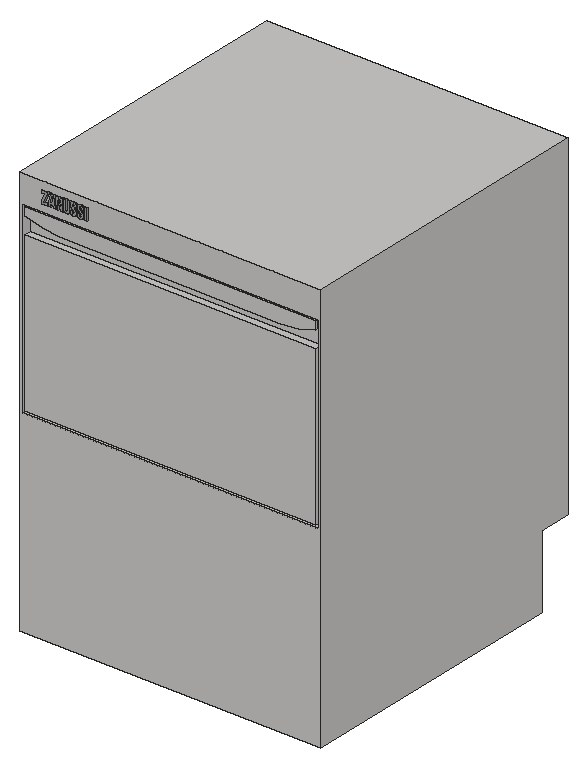
Revit family "QF_ZANUSSI_502728_ZLAI3P", category Specialty Equipment, Revit 2018
Family settings
  Round Connector Dimension = Use Diameter
  Part Type = Normal
  Work Plane-Based = No
  Always vertical = Yes
  Cut with Voids When Loaded = No
  Shared = No
  Room Calculation Point = No
Parameters (values of type "Standard")
  Weight = 60.00 kg
  Watts = 0 W
  Volts = 400 V
  URL Manufacturer = "http://www.zanussiprofessional.com"
  URL = "http://www.zanussiprofessional.com"
  Steam Supply Size = 0 mm
  Steam Supply Minimum Pressure = 0.0 Pa
  Steam Supply Maximum Pressure = 0.0 Pa
  Steam Pounds per Hour = 0
  Show Logo [instance] = yes
  Show Clearance [instance] = yes
  Refrigeration Suction Line Size = 0 mm
  Refrigeration Liquid Line Size = 0 mm
  Refrigerant Compressor Remote = yes
  Manufacturer = "Zanussi"
  Phase = 3
  Model = "ZLAI3P"
  Length Actual = 600 mm  # constant formula
  Item Number = "502728"
  Hot Water Size = 19.05 mm
  Height Actual = 820 mm  # constant formula
  HP = "7.2 HP"
  Gas Size = 0 mm
  Gas KW = 0
  Gas Input Pressure = 0 W
  Direct Waste Size = 20.5 mm
  Description = "UNDERCOUNTER(L), ACTIVE, DOUBLE SKIN, 3PH, DRAIN PUMP, 720D/H"
  Depth Actual = 615 mm  # constant formula
  Cycle = 50 Hz
  Condensate Return Size = 0 mm
  Compressed Air Volume = 0.0 L/s
  Compressed Air Size = 0 mm
  Compressed Air Pressure = 0.0 Pa
  Cold Water Size = 0 mm
  Accessory = yes
Reference planes
  plane 1 "Center (Front/Back)": y = 0
  plane 2: z = 0
  plane 3 "Center (Left/Right)": x = 0
  plane 4 "LEFT": x = -300
  plane 5 "RIGHT": x = 300
  plane 6 "FRONT": y = -307.5
  plane 7 "BACK": y = 307.5
  plane 8: x = -202.5
  plane 9: x = 202.5
  plane 10: z = 830
  plane 11: z = 10
  plane 12: y = -679.5
Forms (mm)
  Extrusion 1, solid, material "QF_Finishes_Stainless Steel"
    sketch origin (0, 0, 0) x (1, 0, 0) y (0, 1, 0)
      loop
        line (-300, -307.5) -> (300, -307.5) -> (300, 243.5) -> (-300, 243.5) -> (-300, -307.5)
    from 10 to 830
  Extrusion 2, solid, material "QF_Finishes_Stainless Steel"
    sketch origin (0, 0, 0) x (1, 0, 0) y (0, 1, 0)
      loop
        line (-300, 243.5) -> (300, 243.5) -> (300, 307.5) -> (-300, 307.5) -> (-300, 243.5)
    from 157.434 to 830
  Extrusion 3, void
    sketch origin (-300, -307.5, 0) x (-1, 0, 0) y (0, 0, 1)
      loop
        line (-5, 773.217) -> (-595, 773.217) -> (-595, 401.217) -> (-5, 401.217) -> (-5, 773.217)
    from 0 to 30
  Extrusion 4, solid, material "QF_Finishes_Stainless Steel"
    sketch origin (-274, -392, 733) x (0, 0, -1) y (1, 0, 0)
      loop
        circle (693, 143) r 10
    from -635.5 to -699.5
  Extrusion 5, solid, material "QF_Door-Drawer Clearances", visible <- "Show Clearance", detail levels coarse
    sketch origin (-230, -282.5, -30) x (0, 1, 0) y (0, 0, -1)
      loop
        line (-25, -431.217) -> (-397, -431.217)
        arc (-397, -431.217) -> (-288.044, -694.261) -> (-25, -803.217) r 372
        line (-25, -803.217) -> (-25, -431.217)
    from 59.655 to -520
  Extrusion 6, solid, material "QF_Finishes_Stainless Steel"
    sketch origin (-331.481, -392, 703) x (0, 0, -1) y (1, 0, 0)
      loop
        circle (663, 252.481) r 8
    from -635.5 to -699.5
  Extrusion 7, solid, material "QF_Finishes_Stainless Steel"
    sketch origin (-230, -282.5, 0) x (0, 1, 0) y (0, 0, -1)
      loop
        line (-25, -406.25) -> (-25, -720) -> (-10, -720) -> (-10, -770) -> (0, -770) -> (0, -406.25) -> (-25, -406.25)
    from 59.655 to -520
  Extrusion 8, solid, material "QF_Finishes_Stainless Steel"
    sketch origin (-230, -282.5, 0) x (0, 1, 0) y (0, 0, -1)
      loop
        line (-10, -770) -> (-10, -767.514) -> (-22.5, -767.514) -> (-22.5, -741.25) -> (-25, -741.25) -> (-25, -770) -> (-10, -770)
    from 59.655 to -520
  Extrusion 9, void
    sketch origin (-230, -307.5, 770) x (0, 0, 1) y (1, 0, 0)
      loop
        line (-28.75, 10.266) -> (-28.75, -59.655) -> (-15.552, -59.655)
        arc (-15.552, -59.655) -> (-25.346, -25.298) -> (-28.75, 10.266) r 196.283
      loop
        arc (-28.75, 450.08) -> (-25.346, 485.643) -> (-15.552, 520) r 196.283
        line (-15.552, 520) -> (-28.75, 520) -> (-28.75, 450.08)
    from 0 to 2.5
  Extrusion 10, solid, material "QF_Finishes_Stainless Steel"
    sketch origin (-301, 938.5, 792.934) x (0, -1, 0) y (1, 0, 0)
      loop
        circle (663, 158) r 8
    from -635.5 to -645.5
  Extrusion 11, solid, material "QF_Finishes_Stainless Steel"
    sketch origin (0, 17.5, 0) x (1, 0, 0) y (0, 1, 0)
      loop
        circle (-254, -255) r 12.5
      loop
        circle (254, -255) r 12.5
      loop
        circle (-254, 176) r 12.5
      loop
        circle (254, 176) r 12.5
    from 0 to 10
Cuts and joins
  Extrusion 3 cuts Extrusion 1
  joined: Extrusion 1, Extrusion 2
  Extrusion 9 cuts Extrusion 7
  Extrusion 9 cuts Extrusion 8
Lines and regions (mm)
  Split face 1
    outline origin (-280, -307.5, 830) x (0, 0, -1) y (1, 0, 0)
      loop
        line (19.683, 178.044) -> (39.683, 178.044) -> (39.683, 218.044) -> (19.683, 218.044) -> (19.683, 178.044)
  Split face 2
    outline origin (-300, -307.5, 830) x (0, 0, -1) y (1, 0, 0)
      loop
        line (0, 60) -> (8.971, 363.359)
        arc (8.971, 363.359) -> (10.385, 376.81) -> (13.197, 390.04) r 129.217
        line (13.197, 390.04) -> (16.45, 402.178)
        arc (16.45, 402.178) -> (21.39, 439.707) -> (16.45, 477.235) r 145
        line (16.45, 477.235) -> (12.733, 491.107)
        arc (12.733, 491.107) -> (7.775, 516.22) -> (4.504, 541.608) r 383.339
        line (4.504, 541.608) -> (0, 579.217)
      loop
        line (56.783, 109.273) -> (50.394, 371.184)
        arc (50.394, 371.184) -> (48.98, 384.635) -> (46.168, 397.865) r 129.217
        line (46.168, 397.865) -> (42.916, 410.003)
        arc (42.916, 410.003) -> (37.975, 447.532) -> (42.916, 485.06) r 145
        line (42.916, 485.06) -> (46.633, 498.932)
        arc (46.633, 498.932) -> (51.508, 520.123) -> (54.862, 541.608) r 305
        line (54.862, 541.608) -> (56.783, 557.653)
  Split face 3
    outline origin (-300, -307.5, 830) x (0, 0, -1) y (1, 0, 0)
      loop
        line (0.533, 600) -> (7.482, 541.965)
        arc (7.482, 541.965) -> (10.72, 516.79) -> (15.63, 491.887) r 380.339
        line (15.63, 491.887) -> (19.347, 478.015)
        arc (19.347, 478.015) -> (24.39, 439.71) -> (19.347, 401.405) r 148
        line (19.347, 401.405) -> (16.095, 389.267)
        arc (16.095, 389.267) -> (13.348, 376.344) -> (11.967, 363.205) r 126.217
        line (11.967, 363.205) -> (0, 2.678)
      loop
        line (56.783, 582.884) -> (51.883, 541.965)
        arc (51.883, 541.965) -> (48.562, 520.691) -> (43.735, 499.709) r 302
        line (43.735, 499.709) -> (40.018, 485.837)
        arc (40.018, 485.837) -> (34.975, 447.532) -> (40.018, 409.226) r 148
        line (40.018, 409.226) -> (43.27, 397.089)
        arc (43.27, 397.089) -> (46.017, 384.166) -> (47.398, 371.027) r 126.217
        line (47.398, 371.027) -> (56.783, 51.951)
  Split face 4
    outline origin (-300, -307.5, 830) x (0, 0, -1) y (1, 0, 0)
      loop
        line (56.783, 5) -> (56.783, 0)
      loop
        line (56.783, 595) -> (56.783, 600)
  symbolic lines
    curve 1: line (-300, 307.5, 0) -> (300, 307.5, 0)
    curve 2: line (-300, -307.5, 0) -> (-300, 307.5, 0)
    curve 3: line (300, -307.5, 0) -> (-300, -307.5, 0)
    curve 4: line (300, 307.5, 0) -> (300, -307.5, 0)
  symbolic lines, style "QF_Door-Drawer Clearances"
    curve 5: line (-290, -679.5, 0) -> (290, -679.5, 0)
    curve 6: line (290, -679.5, 0) -> (290, -307.5, 0)
    curve 7: line (-290, -679.5, 0) -> (-290, -307.5, 0)
  symbolic lines, style "SpecialityEquipmentHiddenLines"
    curve 8: line (-300, 243.5, 0) -> (300, 243.5, 0)
Dimensions and locks
  equal spacing: plane 4 "LEFT", plane 3 "Center (Left/Right)", plane 5 "RIGHT"
  equal spacing: plane 7 "BACK", plane 1 "Center (Front/Back)", plane 6 "FRONT"
  plane 7 "BACK" to plane 6 "FRONT" = 615 mm
  plane 4 "LEFT" to plane 5 "RIGHT" = 600 mm
  plane 4 "LEFT" to plane 8 = 97.5 mm
  plane 9 to plane 5 "RIGHT" = 97.5 mm
  plane 11 to level = 10 mm
  plane 4 "LEFT" to plane 3 "Center (Left/Right)" = 300 mm
  plane 10 to level = 830 mm  (x2)
  plane 8 to plane 9 = 405 mm
  Extrusion 10 sketch curve to plane 4 "LEFT" = 157 mm
  level to Extrusion 4 sketch curve = 40 mm
  Extrusion 4 sketch curve to plane 4 "LEFT" = 169 mm
  Extrusion 6 sketch curve to plane 4 "LEFT" = 221 mm
  level to Extrusion 6 sketch curve = 40 mm
  plane 9 to plane 8 = 405 mm
  plane 7 "BACK" to curve 5 = 987 mm
  cut or joined group of Extrusion 7, Extrusion 9 to cut or joined group of Extrusion 1, Extrusion 2, Extrusion 3 = 318.783 mm
  plane 10 to plane 11 = 820 mm
  cut or joined group of Extrusion 8, Extrusion 9 to Extrusion 5 = 368.783 mm
  plane 7 "BACK" to plane 12 = 987 mm
  aligned and locked: level to plane 2
  aligned and locked: Extrusion 1 sketch curve to plane 6 "FRONT"
  aligned and locked: Extrusion 1 sketch curve to plane 4 "LEFT"
  aligned and locked: plane 5 "RIGHT" to Extrusion 1 sketch curve
  aligned and locked: Extrusion 1 to plane 11
  aligned and locked: Extrusion 2 sketch curve to Extrusion 1  (x2)
  aligned and locked: plane 7 "BACK" to Extrusion 2 sketch curve
  aligned and locked: plane 5 "RIGHT" to Extrusion 2 sketch curve
  aligned and locked: Extrusion 2 to Extrusion 4
  aligned and locked: Extrusion 2 to Extrusion 6
  aligned and locked: plane 7 "BACK" to Extrusion 6
  aligned and locked: plane 7 "BACK" to Extrusion 4
  aligned and locked: cut or joined group of Extrusion 8, Extrusion 9 to Extrusion 9
  aligned and locked: plane 10 to Extrusion 2
Automatic sketch dimensions
  Extrusion 1 sketch curve to plane 7 "BACK" = 64 mm
  Extrusion 3 sketch curve to Extrusion 1 = 5 mm  (x2)
  Extrusion 3 sketch curve to Extrusion 1 = 428.783 mm
  Extrusion 3 sketch curve to Extrusion 1 = 56.783 mm
  Extrusion 7 sketch curve to plane 6 "FRONT" = 0 mm
  plane 6 "FRONT" to Extrusion 7 sketch curve = 15 mm
  Extrusion 7 sketch curve to Extrusion 7 sketch curve = 25 mm
  Extrusion 7 sketch curve to plane 10 = 60 mm
  Extrusion 7 sketch curve to Extrusion 7 sketch curve = 50 mm
  Extrusion 7 sketch curve to Extrusion 7 sketch curve = 313.75 mm
  Extrusion 8 sketch curve to plane 6 "FRONT" = 0 mm
  Extrusion 8 sketch curve to Extrusion 8 sketch curve = 2.5 mm
  Extrusion 8 sketch curve to Extrusion 8 sketch curve = 12.5 mm
  Extrusion 8 sketch curve to plane 10 = 60 mm
  Extrusion 8 sketch curve to Extrusion 8 sketch curve = 2.486 mm
  Extrusion 8 sketch curve to Extrusion 8 sketch curve = 26.264 mm
  Extrusion 9 sketch curve to Extrusion 8 = 0 mm  (x3)
  Extrusion 8 to Extrusion 9 sketch curve = 0 mm
  Extrusion 9 sketch curve to Extrusion 8 = 13.198 mm  (x2)
  Extrusion 9 sketch curve to Extrusion 8 = 70.763 mm  (x2)
  Extrusion 9 sketch curve to Extrusion 8 = 196.281 mm  (x2)
  Split face 1 sketch curve to cut or joined group of Extrusion 1, Extrusion 2, Extrusion 3 = 19.683 mm
  cut or joined group of Extrusion 1, Extrusion 2, Extrusion 3 to Split face 1 sketch curve = 17.1 mm
  Split face 1 sketch curve to cut or joined group of Extrusion 1, Extrusion 2, Extrusion 3 = 193.044 mm
  Split face 1 sketch curve to Split face 1 sketch curve = 40 mm
  Split face 2 sketch curve to cut or joined group of Extrusion 1, Extrusion 2, Extrusion 3 = 0 mm  (x4)
  cut or joined group of Extrusion 1, Extrusion 2, Extrusion 3 to Split face 2 sketch curve = 78.646 mm
  Split face 2 sketch curve to Split face 2 sketch curve = 44.963 mm  (x2)
  Split face 2 sketch curve to cut or joined group of Extrusion 1, Extrusion 2, Extrusion 3 = 17.128 mm  (x2)
  Split face 2 sketch curve to Split face 2 sketch curve = 124.365 mm
  Split face 2 sketch curve to cut or joined group of Extrusion 1, Extrusion 2, Extrusion 3 = 4.504 mm
  Split face 2 sketch curve to cut or joined group of Extrusion 1, Extrusion 2, Extrusion 3 = 8.971 mm
  Split face 2 sketch curve to cut or joined group of Extrusion 1, Extrusion 2, Extrusion 3 = 12.733 mm
  Split face 2 sketch curve to cut or joined group of Extrusion 1, Extrusion 2, Extrusion 3 = 13.197 mm
  Split face 2 sketch curve to Split face 2 sketch curve = 3.717 mm
  Split face 2 sketch curve to Split face 2 sketch curve = 3.252 mm
  cut or joined group of Extrusion 1, Extrusion 2, Extrusion 3 to Split face 2 sketch curve = 13.867 mm  (x2)
  cut or joined group of Extrusion 1, Extrusion 2, Extrusion 3 to Split face 2 sketch curve = 10.615 mm
  cut or joined group of Extrusion 1, Extrusion 2, Extrusion 3 to Split face 2 sketch curve = 10.15 mm
  cut or joined group of Extrusion 1, Extrusion 2, Extrusion 3 to Split face 2 sketch curve = 6.389 mm
  cut or joined group of Extrusion 1, Extrusion 2, Extrusion 3 to Split face 2 sketch curve = 1.921 mm
  Split face 2 sketch curve to cut or joined group of Extrusion 1, Extrusion 2, Extrusion 3 = 81.229 mm
  Split face 2 sketch curve to cut or joined group of Extrusion 1, Extrusion 2, Extrusion 3 = 42.66 mm
  Split face 2 sketch curve to cut or joined group of Extrusion 1, Extrusion 2, Extrusion 3 = 53.392 mm
  Split face 2 sketch curve to Split face 2 sketch curve = 0 mm
  Split face 2 sketch curve to Split face 2 sketch curve = 13.872 mm  (x2)
  Split face 2 sketch curve to Split face 2 sketch curve = 37.529 mm  (x2)
  Split face 2 sketch curve to Split face 2 sketch curve = 12.138 mm  (x2)
  Split face 2 sketch curve to Split face 2 sketch curve = 26.681 mm  (x2)
  Split face 2 sketch curve to Split face 2 sketch curve = 16.045 mm
  Split face 2 sketch curve to cut or joined group of Extrusion 1, Extrusion 2, Extrusion 3 = 104.273 mm
  Split face 2 sketch curve to cut or joined group of Extrusion 1, Extrusion 2, Extrusion 3 = 55 mm
  Split face 2 sketch curve to cut or joined group of Extrusion 1, Extrusion 2, Extrusion 3 = 15.783 mm
  Split face 3 sketch curve to cut or joined group of Extrusion 1, Extrusion 2, Extrusion 3 = 0 mm  (x4)
  cut or joined group of Extrusion 1, Extrusion 2, Extrusion 3 to Split face 3 sketch curve = 78.646 mm
  Split face 3 sketch curve to Split face 3 sketch curve = 44.963 mm  (x2)
  Split face 3 sketch curve to cut or joined group of Extrusion 1, Extrusion 2, Extrusion 3 = 17.128 mm  (x2)
  Split face 3 sketch curve to Split face 3 sketch curve = 124.365 mm
  Split face 3 sketch curve to cut or joined group of Extrusion 1, Extrusion 2, Extrusion 3 = 7.482 mm
  Split face 3 sketch curve to cut or joined group of Extrusion 1, Extrusion 2, Extrusion 3 = 11.967 mm
  Split face 3 sketch curve to cut or joined group of Extrusion 1, Extrusion 2, Extrusion 3 = 15.63 mm
  Split face 3 sketch curve to cut or joined group of Extrusion 1, Extrusion 2, Extrusion 3 = 16.095 mm
  Split face 3 sketch curve to Split face 3 sketch curve = 3.252 mm  (x2)
  Split face 3 sketch curve to Split face 3 sketch curve = 3.717 mm
  cut or joined group of Extrusion 1, Extrusion 2, Extrusion 3 to Split face 3 sketch curve = 16.765 mm  (x2)
  cut or joined group of Extrusion 1, Extrusion 2, Extrusion 3 to Split face 3 sketch curve = 13.048 mm
  cut or joined group of Extrusion 1, Extrusion 2, Extrusion 3 to Split face 3 sketch curve = 9.385 mm
  cut or joined group of Extrusion 1, Extrusion 2, Extrusion 3 to Split face 3 sketch curve = 4.9 mm
  Split face 3 sketch curve to cut or joined group of Extrusion 1, Extrusion 2, Extrusion 3 = 81.229 mm
  Split face 3 sketch curve to cut or joined group of Extrusion 1, Extrusion 2, Extrusion 3 = 42.66 mm
  Split face 3 sketch curve to cut or joined group of Extrusion 1, Extrusion 2, Extrusion 3 = 53.035 mm
  Split face 3 sketch curve to Split face 3 sketch curve = 0 mm
  Split face 3 sketch curve to Split face 3 sketch curve = 13.872 mm  (x2)
  Split face 3 sketch curve to Split face 3 sketch curve = 38.305 mm  (x2)
  Split face 3 sketch curve to Split face 3 sketch curve = 12.138 mm  (x2)
  Split face 3 sketch curve to Split face 3 sketch curve = 26.062 mm  (x2)
  Split face 3 sketch curve to cut or joined group of Extrusion 1, Extrusion 2, Extrusion 3 = 0.533 mm
  Split face 3 sketch curve to cut or joined group of Extrusion 1, Extrusion 2, Extrusion 3 = 46.951 mm
  cut or joined group of Extrusion 1, Extrusion 2, Extrusion 3 to Split face 3 sketch curve = 2.322 mm
  Split face 3 sketch curve to cut or joined group of Extrusion 1, Extrusion 2, Extrusion 3 = 12.116 mm
  cut or joined group of Extrusion 1, Extrusion 2, Extrusion 3 to Split face 4 sketch curve = 0 mm
  Split face 4 sketch curve to cut or joined group of Extrusion 1, Extrusion 2, Extrusion 3 = 0 mm  (x5)
  plane 4 "LEFT" to Extrusion 11 sketch curve = 46 mm  (x2)
  Extrusion 11 sketch curve to plane 5 "RIGHT" = 46 mm  (x2)
  plane 6 "FRONT" to Extrusion 11 sketch curve = 70 mm  (x2)
  Extrusion 11 sketch curve to plane 7 "BACK" = 114 mm  (x2)
  curve 8 to plane 4 "LEFT" = 0 mm
  curve 7 to plane 6 "FRONT" = 0 mm
  curve 4 to plane 5 "RIGHT" = 0 mm
  curve 2 to plane 7 "BACK" = 0 mm
  plane 4 "LEFT" to curve 7 = 10 mm
  curve 5 to plane 5 "RIGHT" = 10 mm
  curve 8 to plane 7 "BACK" = 64 mm
  Extrusion 5 sketch curve to plane 12 = 0 mm
  Extrusion 5 sketch curve to plane 6 "FRONT" = 0 mm
  plane 11 to Extrusion 5 sketch curve = 391.217 mm
  Extrusion 10 sketch curve to plane 7 "BACK" = 32 mm
  radius of Extrusion 4 sketch curve = 10 mm
  radius of Extrusion 6 sketch curve = 8 mm
  radius of Extrusion 10 sketch curve = 8 mm
  radius of Extrusion 11 sketch curve = 12.5 mm  (x4)
Nested families
  nested 1: "ZAN_Logo_S_Grey" at (-210.606, -307.5, 801.116) x (1, 0, 0) z (0, -1, 0), type "ZAN_Logo_S_Grey"
Connectors
  piping at (-131, 307.5, 40), diameter 20
    settings: on Extrusion 4, index 1, connector inside diameter 609.6 mm, connector length 0 mm, flow factor 0, pipe flow 0.0 L/s, pressure drop 0.0 Pa, fitting loss kfactor 0, connector angle 0.00°, fixture units 0, engagement length 0 mm, angle of deflection 0.00°, flow configuration 1, flow direction 1, fitting loss method 0, system type 16, joint type 0, gender type 0, connector reference index -1, connector utility 0, adjustable connector no, is connector primary yes, connector description "Drain"
  piping at (-79, 307.5, 40), diameter 19.05, driven by "Hot Water Size"
    settings: on Extrusion 6, index 3, connector inside diameter 609.6 mm, connector length 0 mm, flow factor 0, pipe flow 0.0 L/s, pressure drop 0.0 Pa, fitting loss kfactor 0, connector angle 0.00°, fixture units 0, engagement length 0 mm, angle of deflection 0.00°, flow configuration 1, flow direction 1, fitting loss method 0, system type 19, joint type 0, gender type 0, connector reference index -1, connector utility 0, adjustable connector no, is connector primary no, connector description "Hot Water Inlet"
  electrical at (-143, 275.5, 147.434), driven by "Volts"
    settings: on Extrusion 10, index 4, voltage 400 V, apparent load 0 VA, apparent load phase1 0 VA, apparent load phase2 0 VA, apparent load phase3 0 VA, power factor 1, load classification "Altro", number of poles 1, system type 31, power factor state 1, is connector primary yes, connector utility no, sub classification motor no, connector description "Electrical Connection"
Definition of nested family "ZAN_Logo_S_Grey"
  Parameters (values of type "ZAN_Logo_S_Grey")
    Default Elevation = 0 mm
  Reference planes
    plane 1 "Centro (Fronte/Retro)": y = 0
    plane 2: z = 0
    plane 3 "Centro (Sinistra/Destra)": x = 0
  Forms (mm)
    Extrusion 1, solid
      sketch origin (0, 0, 0) x (1, 0, 0) y (0, 1, 0)
        loop
          line (-1219.2, 1219.2) -> (-1219.2, -1219.2) -> (1219.2, -1219.2) -> (1219.2, 1219.2) -> (-1219.2, 1219.2)
      from 0 to -304.8
    Extrusion 2, solid
      sketch origin (17.793, -46.218, 0) x (-1, 0, 0) y (0, -1, 0)
        loop
          spline (-4.176, -58.079) -> (-3.496, -58.328) -> (-2.793, -58.512) -> (-2.075, -58.63) -> (-1.348, -58.682) -> (-0.619, -58.669) -> (0.106, -58.588) -> (0.818, -58.44) -> (1.512, -58.225) -> (2.18, -57.941) -> (2.817, -57.589) -> (3.414, -57.167) -> (3.966, -56.676)
          spline (3.966, -56.676) -> (4.293, -56.162) -> (4.575, -55.61) -> (4.81, -55.026) -> (5, -54.419) -> (5.146, -53.797) -> (5.247, -53.166) -> (5.304, -52.536) -> (5.318, -51.913) -> (5.288, -51.306) -> (5.217, -50.723) -> (5.103, -50.17) -> (4.949, -49.657)
          line (4.949, -49.657) -> (2.702, -46.428) -> (0.316, -44.323)
          spline (0.316, -44.323) -> (0.065, -44.115) -> (-0.195, -43.909) -> (-0.46, -43.704) -> (-0.729, -43.496) -> (-0.997, -43.282) -> (-1.263, -43.059) -> (-1.523, -42.825) -> (-1.774, -42.576) -> (-2.013, -42.309) -> (-2.238, -42.022) -> (-2.445, -41.712) -> (-2.632, -41.375)
          spline (-2.632, -41.375) -> (-2.666, -41.159) -> (-2.697, -40.934) -> (-2.722, -40.701) -> (-2.736, -40.465) -> (-2.736, -40.227) -> (-2.72, -39.989) -> (-2.682, -39.754) -> (-2.621, -39.524) -> (-2.533, -39.302) -> (-2.414, -39.091) -> (-2.261, -38.892) -> (-2.07, -38.708)
          line (-2.07, -38.708) -> (-0.245, -38.567)
          spline (-0.245, -38.567) -> (0.096, -38.8) -> (0.354, -39.074) -> (0.54, -39.381) -> (0.664, -39.716) -> (0.738, -40.073) -> (0.772, -40.445) -> (0.777, -40.825) -> (0.763, -41.208) -> (0.742, -41.588) -> (0.723, -41.957) -> (0.718, -42.309) -> (0.737, -42.638)
          line (0.737, -42.638) -> (5.65, -42.638)
          spline (5.65, -42.638) -> (5.708, -42.042) -> (5.741, -41.448) -> (5.747, -40.857) -> (5.723, -40.273) -> (5.668, -39.696) -> (5.58, -39.129) -> (5.457, -38.574) -> (5.297, -38.032) -> (5.098, -37.506) -> (4.857, -36.997) -> (4.574, -36.508) -> (4.247, -36.041)
          spline (4.247, -36.041) -> (3.844, -35.675) -> (3.409, -35.35) -> (2.946, -35.065) -> (2.458, -34.819) -> (1.949, -34.612) -> (1.421, -34.444) -> (0.88, -34.314) -> (0.326, -34.221) -> (-0.234, -34.165) -> (-0.8, -34.146) -> (-1.366, -34.163) -> (-1.93, -34.216)
          spline (-1.93, -34.216) -> (-2.526, -34.309) -> (-3.116, -34.448) -> (-3.695, -34.633) -> (-4.259, -34.861) -> (-4.801, -35.131) -> (-5.316, -35.444) -> (-5.799, -35.798) -> (-6.245, -36.191) -> (-6.648, -36.624) -> (-7.002, -37.095) -> (-7.303, -37.603) -> (-7.545, -38.146)
          spline (-7.545, -38.146) -> (-7.694, -38.815) -> (-7.792, -39.487) -> (-7.839, -40.158) -> (-7.836, -40.824) -> (-7.785, -41.482) -> (-7.685, -42.129) -> (-7.539, -42.762) -> (-7.347, -43.377) -> (-7.111, -43.97) -> (-6.83, -44.538) -> (-6.506, -45.078) -> (-6.141, -45.586)
          line (-6.141, -45.586) -> (-0.526, -50.64) -> (0.176, -51.482)
          spline (0.176, -51.482) -> (0.248, -51.66) -> (0.323, -51.843) -> (0.397, -52.03) -> (0.467, -52.22) -> (0.529, -52.412) -> (0.579, -52.605) -> (0.615, -52.798) -> (0.633, -52.989) -> (0.63, -53.179) -> (0.601, -53.366) -> (0.545, -53.55) -> (0.456, -53.728)
          spline (0.456, -53.728) -> (0.375, -53.892) -> (0.273, -54.034) -> (0.154, -54.155) -> (0.02, -54.258) -> (-0.126, -54.343) -> (-0.28, -54.412) -> (-0.441, -54.466) -> (-0.604, -54.508) -> (-0.767, -54.537) -> (-0.928, -54.556) -> (-1.082, -54.567) -> (-1.228, -54.57)
          line (-1.228, -54.57) -> (-2.632, -53.587) -> (-2.772, -50.64) -> (-7.405, -50.64)
          spline (-7.405, -50.64) -> (-7.41, -51.031) -> (-7.423, -51.432) -> (-7.44, -51.839) -> (-7.456, -52.251) -> (-7.469, -52.665) -> (-7.475, -53.079) -> (-7.468, -53.489) -> (-7.446, -53.894) -> (-7.404, -54.291) -> (-7.339, -54.679) -> (-7.247, -55.053) -> (-7.123, -55.412)
          spline (-7.123, -55.412) -> (-6.999, -55.693) -> (-6.837, -55.97) -> (-6.643, -56.244) -> (-6.422, -56.509) -> (-6.177, -56.765) -> (-5.913, -57.009) -> (-5.634, -57.238) -> (-5.346, -57.45) -> (-5.051, -57.643) -> (-4.755, -57.814) -> (-4.462, -57.96) -> (-4.176, -58.079)
        loop
          spline (-21.021, -55.552) -> (-20.633, -56.181) -> (-20.177, -56.736) -> (-19.661, -57.217) -> (-19.092, -57.627) -> (-18.478, -57.966) -> (-17.827, -58.237) -> (-17.147, -58.441) -> (-16.446, -58.578) -> (-15.73, -58.652) -> (-15.009, -58.662) -> (-14.29, -58.611) -> (-13.581, -58.5)
          spline (-13.581, -58.5) -> (-13.088, -58.407) -> (-12.595, -58.269) -> (-12.109, -58.088) -> (-11.636, -57.866) -> (-11.183, -57.605) -> (-10.756, -57.307) -> (-10.361, -56.974) -> (-10.004, -56.608) -> (-9.692, -56.211) -> (-9.431, -55.784) -> (-9.228, -55.33) -> (-9.089, -54.851)
          spline (-9.089, -54.851) -> (-8.873, -54.211) -> (-8.715, -53.559) -> (-8.615, -52.901) -> (-8.574, -52.241) -> (-8.592, -51.585) -> (-8.668, -50.938) -> (-8.802, -50.306) -> (-8.995, -49.693) -> (-9.247, -49.106) -> (-9.557, -48.55) -> (-9.925, -48.03) -> (-10.352, -47.551)
          line (-10.352, -47.551) -> (-15.546, -42.919) -> (-16.669, -41.234)
          spline (-16.669, -41.234) -> (-16.704, -41.021) -> (-16.735, -40.804) -> (-16.761, -40.583) -> (-16.778, -40.361) -> (-16.784, -40.139) -> (-16.774, -39.919) -> (-16.748, -39.701) -> (-16.7, -39.488) -> (-16.63, -39.28) -> (-16.533, -39.08) -> (-16.406, -38.889) -> (-16.248, -38.708)
          line (-16.248, -38.708) -> (-14.844, -38.427)
          spline (-14.844, -38.427) -> (-14.347, -38.545) -> (-13.969, -38.749) -> (-13.695, -39.028) -> (-13.508, -39.368) -> (-13.393, -39.757) -> (-13.335, -40.182) -> (-13.318, -40.63) -> (-13.326, -41.089) -> (-13.344, -41.546) -> (-13.356, -41.988) -> (-13.347, -42.403) -> (-13.3, -42.779)
          line (-13.3, -42.779) -> (-8.387, -42.638)
          spline (-8.387, -42.638) -> (-8.326, -42.034) -> (-8.288, -41.417) -> (-8.277, -40.794) -> (-8.299, -40.169) -> (-8.357, -39.548) -> (-8.457, -38.936) -> (-8.604, -38.339) -> (-8.803, -37.762) -> (-9.058, -37.21) -> (-9.375, -36.689) -> (-9.758, -36.204) -> (-10.212, -35.76)
          spline (-10.212, -35.76) -> (-10.793, -35.336) -> (-11.409, -34.976) -> (-12.054, -34.679) -> (-12.723, -34.445) -> (-13.409, -34.273) -> (-14.107, -34.163) -> (-14.811, -34.115) -> (-15.515, -34.127) -> (-16.213, -34.2) -> (-16.899, -34.333) -> (-17.568, -34.526) -> (-18.213, -34.777)
          spline (-18.213, -34.777) -> (-18.496, -34.897) -> (-18.783, -35.044) -> (-19.071, -35.216) -> (-19.357, -35.412) -> (-19.639, -35.629) -> (-19.915, -35.865) -> (-20.182, -36.119) -> (-20.438, -36.389) -> (-20.681, -36.672) -> (-20.907, -36.967) -> (-21.115, -37.272) -> (-21.301, -37.585)
          spline (-21.301, -37.585) -> (-21.55, -38.26) -> (-21.734, -38.948) -> (-21.854, -39.647) -> (-21.91, -40.351) -> (-21.901, -41.057) -> (-21.828, -41.761) -> (-21.69, -42.459) -> (-21.489, -43.148) -> (-21.222, -43.823) -> (-20.892, -44.48) -> (-20.497, -45.116) -> (-20.038, -45.726)
          line (-20.038, -45.726) -> (-14.142, -51.061) -> (-13.44, -52.886) -> (-14.002, -54.289) -> (-15.265, -54.57) -> (-16.669, -53.587) -> (-16.81, -50.78) -> (-21.582, -50.64)
          spline (-21.582, -50.64) -> (-21.558, -51.063) -> (-21.55, -51.491) -> (-21.554, -51.92) -> (-21.561, -52.35) -> (-21.567, -52.778) -> (-21.565, -53.201) -> (-21.547, -53.619) -> (-21.509, -54.029) -> (-21.444, -54.43) -> (-21.345, -54.818) -> (-21.206, -55.193) -> (-21.021, -55.552)
        loop
          line (-22.424, -34.216) -> (-27.337, -34.216) -> (-27.337, -58.22) -> (-22.424, -58.22) -> (-22.424, -34.216)
        loop
          line (14.213, -39.971) -> (14.213, -58.22) -> (19.126, -58.22) -> (19.126, -42.077) -> (18.845, -38.146) -> (18.424, -37.164) -> (17.442, -35.9) -> (16.459, -35.199) -> (14.494, -34.356) -> (13.511, -34.216) -> (11.265, -34.216) -> (10.142, -34.497) -> (8.458, -35.479) -> (6.493, -38.287) -> (6.352, -39.269) -> (6.352, -58.22) -> (11.265, -58.22) -> (11.265, -40.392) -> (11.827, -39.129) -> (13.371, -38.988) -> (14.213, -39.971)
        loop
          line (20.249, -58.22) -> (24.741, -58.22) -> (24.741, -42.919) -> (28.812, -58.22) -> (34.006, -58.22) -> (34.006, -34.216) -> (29.654, -34.216) -> (29.654, -50.078) -> (25.583, -34.216) -> (20.249, -34.216) -> (20.249, -58.22)
        loop
          line (50.149, -58.22) -> (62.361, -58.22) -> (62.361, -53.728) -> (55.904, -53.868) -> (62.923, -39.129) -> (62.923, -34.216) -> (50.149, -34.216) -> (50.149, -39.129) -> (57.517, -39.129) -> (50.149, -54.149) -> (50.149, -58.22)
        loop
          line (38.778, -58.22) -> (45.516, -58.22) -> (49.868, -34.216) -> (44.814, -34.216) -> (44.113, -38.848) -> (40.042, -38.848) -> (39.34, -34.216) -> (34.286, -34.216) -> (38.778, -58.22)
        loop
          line (43.551, -43.2) -> (40.744, -43.2) -> (42.147, -54.117) -> (43.551, -43.2)
      from 0 to 1.644
  Dimensions and locks
    aligned and locked: plane 2 to Extrusion 1
    aligned and locked: level to Extrusion 1
